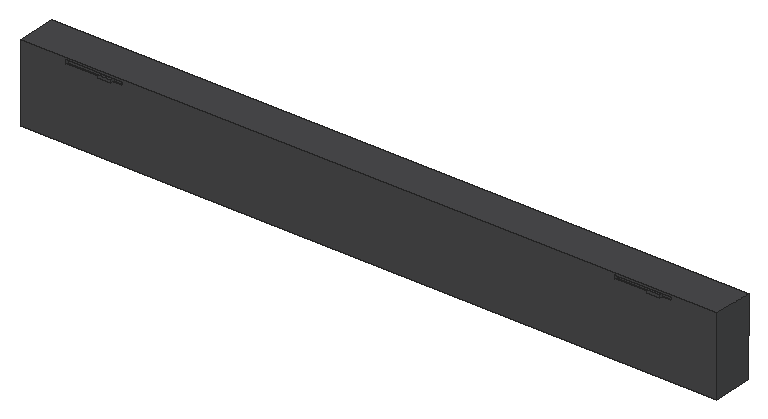
Revit family "DOT BLOCK CEILLING 646_DTSM30N6.1.36", category Luminarias, Revit 2019
Family settings
  Cota de conector redondo = Diámetro de uso
  Tipo de pieza = Normal
  Se basa en plano de trabajo = Sí
  Siempre vertical = Sí
  Corte con vacíos al cargar = No
  Origen de luz = Sí
  Compartido = No
  Punto de cálculo de habitación = No
Parameters (values of type "DOT BLOCK CEILLING 646_DTSM30N6.1.36")
  Ángulo de inclinación = 60.00°
  Zone [instance] = ""
  Watt per fixture = 30
  Wattage = 30 W
  built-in parameter 1150107 = 4000 (stored number, unit not read)
  built-in parameter 1150110 = 1 (stored number, unit not read)
  built-in parameter 1150109 = 1 (stored number, unit not read)
  built-in parameter 1150112 = 1 (stored number, unit not read)
  built-in parameter 1150113 = 1 (stored number, unit not read)
  built-in parameter 1114218 = 1 (stored number, unit not read)
  Keynote = ""
  built-in parameter 1150137 = (empty or 0)
  built-in parameter 1150132 = (empty or 0)
  Modelo = "DTSM30N6.1.36"
  Lámpara = "3030SMD PHILIPS"
  built-in parameter 1150105 = 214.86 (stored number, unit not read)
  built-in parameter 1150102 = (empty or 0)
  built-in parameter 1150106 = 2.1486 (stored number, unit not read)
  Lumens = 2700 lm
  Color Filter = 16777215
  built-in parameter 1114217 = 1 (stored number, unit not read)
  built-in parameter 1150139 = (empty or 0)
  Fabricante = "BRILLANT"
  Default Elevation = 1219.2 mm
  built-in parameter 1150104 = 8.3613 (stored number, unit not read)
  Descripción = "LUMINARIA DOWNLIGHT EN FORMATO RECTANGULAR PARA SOBREPONER DIRECTO EN TECHO, CUERPO DE ALUMINIO ACABADO EN COLOR NEGRO, IP 20, PESO 1.40Kg, TIPO DE LED 3030SMD PHILIPS CON 30W TOTAL, 1450 LUMENES, 90LM/W, IRC 90, TEMPERATURA EN BLANCO FRIO 4000K, 50 MIL HORAS DE VIDA PROMEDIO, APERTURA DE 36 GRADOS POR PROYECTO, ALIMENTADO A 90-240V"
  built-in parameter 1150115 = 1 (stored number, unit not read)
  built-in parameter 1150114 = 1 (stored number, unit not read)
  Comentarios de vataje = "90-240V"
  built-in parameter 1150138 = (empty or 0)
  built-in parameter 1150134 = 12
  Circuit [instance] = ""
  Dimming Lamp Color Temperature Shift = (empty or 0)
  Archivo de red fotométrica = "L646A-30W-840-B-36_IESNA95.IES"
  built-in parameter 1150133 = 10 (stored number, unit not read)
Reference planes
  plane 1 "Centro (Frontal/Posterior)": y = 0
  plane 2: z = 0
  plane 3 "Centro (Izquierda/Derecha)": x = 0
Forms (mm)
  Extrusion 1, solid, material "Default Form", not visible
    sketch origin (0, 0, 0) x (1, 0, 0) y (0, 0, 1)
      loop
        line (-473, 0) -> (-473, -72) -> (473, -72) -> (473, 0) -> (-473, 0)
    from -18.326 to 18.326
  Blend 2, void, not visible
    base sketch origin (-293.63, 0, 0) x (1, 0, 0) y (0, 1, 0)
      loop
        line (-162, 16.149) -> (-162, -16.149) -> (-144.14, -16.149) -> (-144.14, 16.149) -> (-162, 16.149)
    top sketch origin (-293.63, 0, 0) x (1, 0, 0) y (0, 1, 0)
      loop
        line (-160, 12.149) -> (-160, -12.149) -> (-146.14, -12.149) -> (-146.14, 12.149) -> (-160, 12.149)
    from -72 to -61.591
  Blend 3, void, not visible
    base sketch origin (-267.33, 0, 0) x (1, 0, 0) y (0, 1, 0)
      loop
        line (-162, 16.149) -> (-162, -16.149) -> (-144.14, -16.149) -> (-144.14, 16.149) -> (-162, 16.149)
    top sketch origin (-267.33, 0, 0) x (1, 0, 0) y (0, 1, 0)
      loop
        line (-160, 12.149) -> (-160, -12.149) -> (-146.14, -12.149) -> (-146.14, 12.149) -> (-160, 12.149)
    from -72 to -61.591
  Blend 4, void, not visible
    base sketch origin (-241.03, 0, 0) x (1, 0, 0) y (0, 1, 0)
      loop
        line (-162, 16.149) -> (-162, -16.149) -> (-144.14, -16.149) -> (-144.14, 16.149) -> (-162, 16.149)
    top sketch origin (-241.03, 0, 0) x (1, 0, 0) y (0, 1, 0)
      loop
        line (-160, 12.149) -> (-160, -12.149) -> (-146.14, -12.149) -> (-146.14, 12.149) -> (-160, 12.149)
    from -72 to -61.591
  Blend 5, void, not visible
    base sketch origin (-214.73, 0, 0) x (1, 0, 0) y (0, 1, 0)
      loop
        line (-162, 16.149) -> (-162, -16.149) -> (-144.14, -16.149) -> (-144.14, 16.149) -> (-162, 16.149)
    top sketch origin (-214.73, 0, 0) x (1, 0, 0) y (0, 1, 0)
      loop
        line (-160, 12.149) -> (-160, -12.149) -> (-146.14, -12.149) -> (-146.14, 12.149) -> (-160, 12.149)
    from -72 to -61.591
  Blend 6, void, not visible
    base sketch origin (-188.43, 0, 0) x (1, 0, 0) y (0, 1, 0)
      loop
        line (-162, 16.149) -> (-162, -16.149) -> (-144.14, -16.149) -> (-144.14, 16.149) -> (-162, 16.149)
    top sketch origin (-188.43, 0, 0) x (1, 0, 0) y (0, 1, 0)
      loop
        line (-160, 12.149) -> (-160, -12.149) -> (-146.14, -12.149) -> (-146.14, 12.149) -> (-160, 12.149)
    from -72 to -61.591
  Blend 7, void, not visible
    base sketch origin (-162.13, 0, 0) x (1, 0, 0) y (0, 1, 0)
      loop
        line (-162, 16.149) -> (-162, -16.149) -> (-144.14, -16.149) -> (-144.14, 16.149) -> (-162, 16.149)
    top sketch origin (-162.13, 0, 0) x (1, 0, 0) y (0, 1, 0)
      loop
        line (-160, 12.149) -> (-160, -12.149) -> (-146.14, -12.149) -> (-146.14, 12.149) -> (-160, 12.149)
    from -72 to -61.591
  Blend 8, void, not visible
    base sketch origin (-135.83, 0, 0) x (1, 0, 0) y (0, 1, 0)
      loop
        line (-162, 16.149) -> (-162, -16.149) -> (-144.14, -16.149) -> (-144.14, 16.149) -> (-162, 16.149)
    top sketch origin (-135.83, 0, 0) x (1, 0, 0) y (0, 1, 0)
      loop
        line (-160, 12.149) -> (-160, -12.149) -> (-146.14, -12.149) -> (-146.14, 12.149) -> (-160, 12.149)
    from -72 to -61.591
  Blend 9, void, not visible
    base sketch origin (-109.53, 0, 0) x (1, 0, 0) y (0, 1, 0)
      loop
        line (-162, 16.149) -> (-162, -16.149) -> (-144.14, -16.149) -> (-144.14, 16.149) -> (-162, 16.149)
    top sketch origin (-109.53, 0, 0) x (1, 0, 0) y (0, 1, 0)
      loop
        line (-160, 12.149) -> (-160, -12.149) -> (-146.14, -12.149) -> (-146.14, 12.149) -> (-160, 12.149)
    from -72 to -61.591
  Blend 10, void, not visible
    base sketch origin (-83.23, 0, 0) x (1, 0, 0) y (0, 1, 0)
      loop
        line (-162, 16.149) -> (-162, -16.149) -> (-144.14, -16.149) -> (-144.14, 16.149) -> (-162, 16.149)
    top sketch origin (-83.23, 0, 0) x (1, 0, 0) y (0, 1, 0)
      loop
        line (-160, 12.149) -> (-160, -12.149) -> (-146.14, -12.149) -> (-146.14, 12.149) -> (-160, 12.149)
    from -72 to -61.591
  Blend 11, void, not visible
    base sketch origin (-56.93, 0, 0) x (1, 0, 0) y (0, 1, 0)
      loop
        line (-162, 16.149) -> (-162, -16.149) -> (-144.14, -16.149) -> (-144.14, 16.149) -> (-162, 16.149)
    top sketch origin (-56.93, 0, 0) x (1, 0, 0) y (0, 1, 0)
      loop
        line (-160, 12.149) -> (-160, -12.149) -> (-146.14, -12.149) -> (-146.14, 12.149) -> (-160, 12.149)
    from -72 to -61.591
  Blend 12, void, not visible
    base sketch origin (-30.63, 0, 0) x (1, 0, 0) y (0, 1, 0)
      loop
        line (-162, 16.149) -> (-162, -16.149) -> (-144.14, -16.149) -> (-144.14, 16.149) -> (-162, 16.149)
    top sketch origin (-30.63, 0, 0) x (1, 0, 0) y (0, 1, 0)
      loop
        line (-160, 12.149) -> (-160, -12.149) -> (-146.14, -12.149) -> (-146.14, 12.149) -> (-160, 12.149)
    from -72 to -61.591
  Blend 13, void, not visible
    base sketch origin (-4.33, 0, 0) x (1, 0, 0) y (0, 1, 0)
      loop
        line (-162, 16.149) -> (-162, -16.149) -> (-144.14, -16.149) -> (-144.14, 16.149) -> (-162, 16.149)
    top sketch origin (-4.33, 0, 0) x (1, 0, 0) y (0, 1, 0)
      loop
        line (-160, 12.149) -> (-160, -12.149) -> (-146.14, -12.149) -> (-146.14, 12.149) -> (-160, 12.149)
    from -72 to -61.591
  Blend 14, void, not visible
    base sketch origin (21.97, 0, 0) x (1, 0, 0) y (0, 1, 0)
      loop
        line (-162, 16.149) -> (-162, -16.149) -> (-144.14, -16.149) -> (-144.14, 16.149) -> (-162, 16.149)
    top sketch origin (21.97, 0, 0) x (1, 0, 0) y (0, 1, 0)
      loop
        line (-160, 12.149) -> (-160, -12.149) -> (-146.14, -12.149) -> (-146.14, 12.149) -> (-160, 12.149)
    from -72 to -61.591
  Blend 15, void, not visible
    base sketch origin (48.27, 0, 0) x (1, 0, 0) y (0, 1, 0)
      loop
        line (-162, 16.149) -> (-162, -16.149) -> (-144.14, -16.149) -> (-144.14, 16.149) -> (-162, 16.149)
    top sketch origin (48.27, 0, 0) x (1, 0, 0) y (0, 1, 0)
      loop
        line (-160, 12.149) -> (-160, -12.149) -> (-146.14, -12.149) -> (-146.14, 12.149) -> (-160, 12.149)
    from -72 to -61.591
  Blend 16, void, not visible
    base sketch origin (74.57, 0, 0) x (1, 0, 0) y (0, 1, 0)
      loop
        line (-162, 16.149) -> (-162, -16.149) -> (-144.14, -16.149) -> (-144.14, 16.149) -> (-162, 16.149)
    top sketch origin (74.57, 0, 0) x (1, 0, 0) y (0, 1, 0)
      loop
        line (-160, 12.149) -> (-160, -12.149) -> (-146.14, -12.149) -> (-146.14, 12.149) -> (-160, 12.149)
    from -72 to -61.591
  Blend 17, void, not visible
    base sketch origin (100.87, 0, 0) x (1, 0, 0) y (0, 1, 0)
      loop
        line (-162, 16.149) -> (-162, -16.149) -> (-144.14, -16.149) -> (-144.14, 16.149) -> (-162, 16.149)
    top sketch origin (100.87, 0, 0) x (1, 0, 0) y (0, 1, 0)
      loop
        line (-160, 12.149) -> (-160, -12.149) -> (-146.14, -12.149) -> (-146.14, 12.149) -> (-160, 12.149)
    from -72 to -61.591
  Blend 18, void, not visible
    base sketch origin (127.17, 0, 0) x (1, 0, 0) y (0, 1, 0)
      loop
        line (-162, 16.149) -> (-162, -16.149) -> (-144.14, -16.149) -> (-144.14, 16.149) -> (-162, 16.149)
    top sketch origin (127.17, 0, 0) x (1, 0, 0) y (0, 1, 0)
      loop
        line (-160, 12.149) -> (-160, -12.149) -> (-146.14, -12.149) -> (-146.14, 12.149) -> (-160, 12.149)
    from -72 to -61.591
  Blend 19, void, not visible
    base sketch origin (153.47, 0, 0) x (1, 0, 0) y (0, 1, 0)
      loop
        line (-162, 16.149) -> (-162, -16.149) -> (-144.14, -16.149) -> (-144.14, 16.149) -> (-162, 16.149)
    top sketch origin (153.47, 0, 0) x (1, 0, 0) y (0, 1, 0)
      loop
        line (-160, 12.149) -> (-160, -12.149) -> (-146.14, -12.149) -> (-146.14, 12.149) -> (-160, 12.149)
    from -72 to -61.591
  Blend 20, void, not visible
    base sketch origin (179.77, 0, 0) x (1, 0, 0) y (0, 1, 0)
      loop
        line (-162, 16.149) -> (-162, -16.149) -> (-144.14, -16.149) -> (-144.14, 16.149) -> (-162, 16.149)
    top sketch origin (179.77, 0, 0) x (1, 0, 0) y (0, 1, 0)
      loop
        line (-160, 12.149) -> (-160, -12.149) -> (-146.14, -12.149) -> (-146.14, 12.149) -> (-160, 12.149)
    from -72 to -61.591
  Blend 21, void, not visible
    base sketch origin (206.07, 0, 0) x (1, 0, 0) y (0, 1, 0)
      loop
        line (-162, 16.149) -> (-162, -16.149) -> (-144.14, -16.149) -> (-144.14, 16.149) -> (-162, 16.149)
    top sketch origin (206.07, 0, 0) x (1, 0, 0) y (0, 1, 0)
      loop
        line (-160, 12.149) -> (-160, -12.149) -> (-146.14, -12.149) -> (-146.14, 12.149) -> (-160, 12.149)
    from -72 to -61.591
  Blend 22, void, not visible
    base sketch origin (232.37, 0, 0) x (1, 0, 0) y (0, 1, 0)
      loop
        line (-162, 16.149) -> (-162, -16.149) -> (-144.14, -16.149) -> (-144.14, 16.149) -> (-162, 16.149)
    top sketch origin (232.37, 0, 0) x (1, 0, 0) y (0, 1, 0)
      loop
        line (-160, 12.149) -> (-160, -12.149) -> (-146.14, -12.149) -> (-146.14, 12.149) -> (-160, 12.149)
    from -72 to -61.591
  Blend 23, void, not visible
    base sketch origin (258.67, 0, 0) x (1, 0, 0) y (0, 1, 0)
      loop
        line (-162, 16.149) -> (-162, -16.149) -> (-144.14, -16.149) -> (-144.14, 16.149) -> (-162, 16.149)
    top sketch origin (258.67, 0, 0) x (1, 0, 0) y (0, 1, 0)
      loop
        line (-160, 12.149) -> (-160, -12.149) -> (-146.14, -12.149) -> (-146.14, 12.149) -> (-160, 12.149)
    from -72 to -61.591
  Blend 24, void, not visible
    base sketch origin (284.97, 0, 0) x (1, 0, 0) y (0, 1, 0)
      loop
        line (-162, 16.149) -> (-162, -16.149) -> (-144.14, -16.149) -> (-144.14, 16.149) -> (-162, 16.149)
    top sketch origin (284.97, 0, 0) x (1, 0, 0) y (0, 1, 0)
      loop
        line (-160, 12.149) -> (-160, -12.149) -> (-146.14, -12.149) -> (-146.14, 12.149) -> (-160, 12.149)
    from -72 to -61.591
  Blend 25, void, not visible
    base sketch origin (311.27, 0, 0) x (1, 0, 0) y (0, 1, 0)
      loop
        line (-162, 16.149) -> (-162, -16.149) -> (-144.14, -16.149) -> (-144.14, 16.149) -> (-162, 16.149)
    top sketch origin (311.27, 0, 0) x (1, 0, 0) y (0, 1, 0)
      loop
        line (-160, 12.149) -> (-160, -12.149) -> (-146.14, -12.149) -> (-146.14, 12.149) -> (-160, 12.149)
    from -72 to -61.591
  Blend 26, void, not visible
    base sketch origin (337.57, 0, 0) x (1, 0, 0) y (0, 1, 0)
      loop
        line (-162, 16.149) -> (-162, -16.149) -> (-144.14, -16.149) -> (-144.14, 16.149) -> (-162, 16.149)
    top sketch origin (337.57, 0, 0) x (1, 0, 0) y (0, 1, 0)
      loop
        line (-160, 12.149) -> (-160, -12.149) -> (-146.14, -12.149) -> (-146.14, 12.149) -> (-160, 12.149)
    from -72 to -61.591
  Blend 27, void, not visible
    base sketch origin (363.87, 0, 0) x (1, 0, 0) y (0, 1, 0)
      loop
        line (-162, 16.149) -> (-162, -16.149) -> (-144.14, -16.149) -> (-144.14, 16.149) -> (-162, 16.149)
    top sketch origin (363.87, 0, 0) x (1, 0, 0) y (0, 1, 0)
      loop
        line (-160, 12.149) -> (-160, -12.149) -> (-146.14, -12.149) -> (-146.14, 12.149) -> (-160, 12.149)
    from -72 to -61.591
  Blend 28, void, not visible
    base sketch origin (390.17, 0, 0) x (1, 0, 0) y (0, 1, 0)
      loop
        line (-162, 16.149) -> (-162, -16.149) -> (-144.14, -16.149) -> (-144.14, 16.149) -> (-162, 16.149)
    top sketch origin (390.17, 0, 0) x (1, 0, 0) y (0, 1, 0)
      loop
        line (-160, 12.149) -> (-160, -12.149) -> (-146.14, -12.149) -> (-146.14, 12.149) -> (-160, 12.149)
    from -72 to -61.591
  Blend 29, void, not visible
    base sketch origin (416.47, 0, 0) x (1, 0, 0) y (0, 1, 0)
      loop
        line (-162, 16.149) -> (-162, -16.149) -> (-144.14, -16.149) -> (-144.14, 16.149) -> (-162, 16.149)
    top sketch origin (416.47, 0, 0) x (1, 0, 0) y (0, 1, 0)
      loop
        line (-160, 12.149) -> (-160, -12.149) -> (-146.14, -12.149) -> (-146.14, 12.149) -> (-160, 12.149)
    from -72 to -61.591
  Blend 30, void, not visible
    base sketch origin (442.77, 0, 0) x (1, 0, 0) y (0, 1, 0)
      loop
        line (-162, 16.149) -> (-162, -16.149) -> (-144.14, -16.149) -> (-144.14, 16.149) -> (-162, 16.149)
    top sketch origin (442.77, 0, 0) x (1, 0, 0) y (0, 1, 0)
      loop
        line (-160, 12.149) -> (-160, -12.149) -> (-146.14, -12.149) -> (-146.14, 12.149) -> (-160, 12.149)
    from -72 to -61.591
  Blend 31, void, not visible
    base sketch origin (469.07, 0, 0) x (1, 0, 0) y (0, 1, 0)
      loop
        line (-162, 16.149) -> (-162, -16.149) -> (-144.14, -16.149) -> (-144.14, 16.149) -> (-162, 16.149)
    top sketch origin (469.07, 0, 0) x (1, 0, 0) y (0, 1, 0)
      loop
        line (-160, 12.149) -> (-160, -12.149) -> (-146.14, -12.149) -> (-146.14, 12.149) -> (-160, 12.149)
    from -72 to -61.591
  Blend 32, void, not visible
    base sketch origin (495.37, 0, 0) x (1, 0, 0) y (0, 1, 0)
      loop
        line (-162, 16.149) -> (-162, -16.149) -> (-144.14, -16.149) -> (-144.14, 16.149) -> (-162, 16.149)
    top sketch origin (495.37, 0, 0) x (1, 0, 0) y (0, 1, 0)
      loop
        line (-160, 12.149) -> (-160, -12.149) -> (-146.14, -12.149) -> (-146.14, 12.149) -> (-160, 12.149)
    from -72 to -61.591
  Blend 33, void, not visible
    base sketch origin (521.67, 0, 0) x (1, 0, 0) y (0, 1, 0)
      loop
        line (-162, 16.149) -> (-162, -16.149) -> (-144.14, -16.149) -> (-144.14, 16.149) -> (-162, 16.149)
    top sketch origin (521.67, 0, 0) x (1, 0, 0) y (0, 1, 0)
      loop
        line (-160, 12.149) -> (-160, -12.149) -> (-146.14, -12.149) -> (-146.14, 12.149) -> (-160, 12.149)
    from -72 to -61.591
  Blend 34, void, not visible
    base sketch origin (547.97, 0, 0) x (1, 0, 0) y (0, 1, 0)
      loop
        line (-162, 16.149) -> (-162, -16.149) -> (-144.14, -16.149) -> (-144.14, 16.149) -> (-162, 16.149)
    top sketch origin (547.97, 0, 0) x (1, 0, 0) y (0, 1, 0)
      loop
        line (-160, 12.149) -> (-160, -12.149) -> (-146.14, -12.149) -> (-146.14, 12.149) -> (-160, 12.149)
    from -72 to -61.591
  Blend 35, void, not visible
    base sketch origin (574.27, 0, 0) x (1, 0, 0) y (0, 1, 0)
      loop
        line (-162, 16.149) -> (-162, -16.149) -> (-144.14, -16.149) -> (-144.14, 16.149) -> (-162, 16.149)
    top sketch origin (574.27, 0, 0) x (1, 0, 0) y (0, 1, 0)
      loop
        line (-160, 12.149) -> (-160, -12.149) -> (-146.14, -12.149) -> (-146.14, 12.149) -> (-160, 12.149)
    from -72 to -61.591
  Blend 36, void, not visible
    base sketch origin (600.57, 0, 0) x (1, 0, 0) y (0, 1, 0)
      loop
        line (-162, 16.149) -> (-162, -16.149) -> (-144.14, -16.149) -> (-144.14, 16.149) -> (-162, 16.149)
    top sketch origin (600.57, 0, 0) x (1, 0, 0) y (0, 1, 0)
      loop
        line (-160, 12.149) -> (-160, -12.149) -> (-146.14, -12.149) -> (-146.14, 12.149) -> (-160, 12.149)
    from -72 to -61.591
  Extrusion 37, solid, not visible
    sketch origin (-463.861, 0, 3.217) x (0, -1, 0) y (0, 0, -1)
      loop
        line (18.326, 3.217) -> (-18.326, 3.217) -> (-18.326, 73.917) -> (-32.183, 73.917) -> (-32.183, 72.617) -> (-19.626, 72.617) -> (-19.626, 1.917) -> (19.626, 1.917) -> (19.626, 72.617) -> (32.183, 72.617) -> (32.183, 73.917) -> (18.326, 73.917) -> (18.326, 3.217)
    from 89.098 to 128.24
  Extrusion 38, solid, not visible
    sketch origin (-246.523, 0, 3.217) x (0, -1, 0) y (0, 0, 1)
      loop
        line (-19.626, -1.917) -> (19.626, -1.917) -> (19.626, -63.89) -> (20.426, -63.89) -> (20.426, -1.117) -> (-20.426, -1.117) -> (-20.426, -63.89) -> (-19.626, -63.89) -> (-19.626, -1.917)
    from 122.954 to 124.098
  Extrusion 39, solid, not visible
    sketch origin (-463.861, 0, 3.217) x (0, -1, 0) y (0, 0, -1)
      loop
        line (-19.626, 1.917) -> (-19.626, 63.89) -> (-20.426, 63.89) -> (-20.426, 1.117) -> (20.426, 1.117) -> (20.426, 63.89) -> (19.626, 63.89) -> (19.626, 1.917) -> (-19.626, 1.917)
    from 122.954 to 124.098
  Extrusion 40, void, not visible
    sketch origin (0, 0, 0) x (1, 0, 0) y (0, 1, 0)
      loop
        circle (-363.799, -25.904) r 2.055
      loop
        circle (-346.585, -25.904) r 2.055
      loop
        circle (-363.799, 25.904) r 2.055
      loop
        circle (-346.585, 25.904) r 2.055
    from -70.7 to -69.4
  Blend 41, void
    base sketch origin (74.57, 130.851, 72) x (1, 0, 0) y (0, 1, 0)
      loop
        line (-162, -147) -> (-144.14, -147) -> (-144.14, -114.702) -> (-162, -114.702) -> (-162, -147)
    top sketch origin (74.57, 130.851, 72) x (1, 0, 0) y (0, 1, 0)
      loop
        line (-160, -143) -> (-146.14, -143) -> (-146.14, -118.702) -> (-160, -118.702) -> (-160, -143)
    from -72 to -61.591
  Blend 42, void
    base sketch origin (100.87, 130.851, 72) x (1, 0, 0) y (0, 1, 0)
      loop
        line (-162, -147) -> (-144.14, -147) -> (-144.14, -114.702) -> (-162, -114.702) -> (-162, -147)
    top sketch origin (100.87, 130.851, 72) x (1, 0, 0) y (0, 1, 0)
      loop
        line (-160, -143) -> (-146.14, -143) -> (-146.14, -118.702) -> (-160, -118.702) -> (-160, -143)
    from -72 to -61.591
  Blend 43, void
    base sketch origin (127.17, 130.851, 72) x (1, 0, 0) y (0, 1, 0)
      loop
        line (-162, -147) -> (-144.14, -147) -> (-144.14, -114.702) -> (-162, -114.702) -> (-162, -147)
    top sketch origin (127.17, 130.851, 72) x (1, 0, 0) y (0, 1, 0)
      loop
        line (-160, -143) -> (-146.14, -143) -> (-146.14, -118.702) -> (-160, -118.702) -> (-160, -143)
    from -72 to -61.591
  Blend 44, void
    base sketch origin (153.47, 130.851, 72) x (1, 0, 0) y (0, 1, 0)
      loop
        line (-162, -147) -> (-144.14, -147) -> (-144.14, -114.702) -> (-162, -114.702) -> (-162, -147)
    top sketch origin (153.47, 130.851, 72) x (1, 0, 0) y (0, 1, 0)
      loop
        line (-160, -143) -> (-146.14, -143) -> (-146.14, -118.702) -> (-160, -118.702) -> (-160, -143)
    from -72 to -61.591
  Blend 45, void
    base sketch origin (179.77, 130.851, 72) x (1, 0, 0) y (0, 1, 0)
      loop
        line (-162, -147) -> (-144.14, -147) -> (-144.14, -114.702) -> (-162, -114.702) -> (-162, -147)
    top sketch origin (179.77, 130.851, 72) x (1, 0, 0) y (0, 1, 0)
      loop
        line (-160, -143) -> (-146.14, -143) -> (-146.14, -118.702) -> (-160, -118.702) -> (-160, -143)
    from -72 to -61.591
  Blend 46, void
    base sketch origin (206.07, 130.851, 72) x (1, 0, 0) y (0, 1, 0)
      loop
        line (-162, -147) -> (-144.14, -147) -> (-144.14, -114.702) -> (-162, -114.702) -> (-162, -147)
    top sketch origin (206.07, 130.851, 72) x (1, 0, 0) y (0, 1, 0)
      loop
        line (-160, -143) -> (-146.14, -143) -> (-146.14, -118.702) -> (-160, -118.702) -> (-160, -143)
    from -72 to -61.591
  Blend 47, void
    base sketch origin (232.37, 130.851, 72) x (1, 0, 0) y (0, 1, 0)
      loop
        line (-162, -147) -> (-144.14, -147) -> (-144.14, -114.702) -> (-162, -114.702) -> (-162, -147)
    top sketch origin (232.37, 130.851, 72) x (1, 0, 0) y (0, 1, 0)
      loop
        line (-160, -143) -> (-146.14, -143) -> (-146.14, -118.702) -> (-160, -118.702) -> (-160, -143)
    from -72 to -61.591
  Extrusion 48, solid, material "Default Form"
    sketch origin (0, 0, 72) x (1, 0, 0) y (0, 0, -1)
      loop
        line (-323, 0) -> (323, 0) -> (323, 72) -> (-323, 72) -> (-323, 0)
    from -18.326 to 18.326
  Blend 49, void
    base sketch origin (258.67, 130.851, 72) x (1, 0, 0) y (0, 1, 0)
      loop
        line (-162, -147) -> (-144.14, -147) -> (-144.14, -114.702) -> (-162, -114.702) -> (-162, -147)
    top sketch origin (258.67, 130.851, 72) x (1, 0, 0) y (0, 1, 0)
      loop
        line (-160, -143) -> (-146.14, -143) -> (-146.14, -118.702) -> (-160, -118.702) -> (-160, -143)
    from -72 to -61.591
  Blend 50, void
    base sketch origin (284.97, 130.851, 72) x (1, 0, 0) y (0, 1, 0)
      loop
        line (-162, -147) -> (-144.14, -147) -> (-144.14, -114.702) -> (-162, -114.702) -> (-162, -147)
    top sketch origin (284.97, 130.851, 72) x (1, 0, 0) y (0, 1, 0)
      loop
        line (-160, -143) -> (-146.14, -143) -> (-146.14, -118.702) -> (-160, -118.702) -> (-160, -143)
    from -72 to -61.591
  Blend 51, void
    base sketch origin (21.97, 130.851, 72) x (1, 0, 0) y (0, 1, 0)
      loop
        line (-162, -147) -> (-144.14, -147) -> (-144.14, -114.702) -> (-162, -114.702) -> (-162, -147)
    top sketch origin (21.97, 130.851, 72) x (1, 0, 0) y (0, 1, 0)
      loop
        line (-160, -143) -> (-146.14, -143) -> (-146.14, -118.702) -> (-160, -118.702) -> (-160, -143)
    from -72 to -61.591
  Blend 52, void
    base sketch origin (48.27, 130.851, 72) x (1, 0, 0) y (0, 1, 0)
      loop
        line (-162, -147) -> (-144.14, -147) -> (-144.14, -114.702) -> (-162, -114.702) -> (-162, -147)
    top sketch origin (48.27, 130.851, 72) x (1, 0, 0) y (0, 1, 0)
      loop
        line (-160, -143) -> (-146.14, -143) -> (-146.14, -118.702) -> (-160, -118.702) -> (-160, -143)
    from -72 to -61.591
  Extrusion 53, void
    sketch origin (-158.75, 0, 0) x (1, 0, 0) y (0, 1, 0)
      loop
        line (-122.17, -18.326) -> (-69.57, -18.326) -> (-69.57, -16.149) -> (-122.17, -16.149) -> (-122.17, -18.326)
      loop
        line (-122.17, 18.326) -> (-122.17, 16.149) -> (-69.57, 16.149) -> (-69.57, 18.326) -> (-122.17, 18.326)
    from 66.852 to 70.535
  Extrusion 54, solid, material "Default Form"
    sketch origin (125, 0, 0) x (1, 0, 0) y (0, 1, 0)
      loop
        line (146.935, -16.149) -> (145.601, -16.149) -> (145.601, -18.326) -> (135.101, -18.326) -> (135.101, -20.238) -> (146.935, -20.238) -> (146.935, -16.149)
      loop
        line (146.935, 16.149) -> (146.935, 20.238) -> (135.101, 20.238) -> (135.101, 18.326) -> (145.601, 18.326) -> (145.601, 16.149) -> (146.935, 16.149)
      loop
        line (-362.305, -16.149) -> (-363.639, -16.149) -> (-363.639, -18.326) -> (-374.139, -18.326) -> (-374.139, -20.238) -> (-362.305, -20.238) -> (-362.305, -16.149)
      loop
        line (-362.305, 16.149) -> (-362.305, 20.238) -> (-374.139, 20.238) -> (-374.139, 18.326) -> (-363.639, 18.326) -> (-363.639, 16.149) -> (-362.305, 16.149)
    from 67.466 to 69.773
  Extrusion 55, void
    sketch origin (158.75, 0, 0) x (-1, 0, 0) y (0, -1, 0)
      loop
        line (-122.17, 18.326) -> (-122.17, 16.149) -> (-69.57, 16.149) -> (-69.57, 18.326) -> (-122.17, 18.326)
      loop
        line (-122.17, -18.326) -> (-69.57, -18.326) -> (-69.57, -16.149) -> (-122.17, -16.149) -> (-122.17, -18.326)
    from 66.852 to 70.535
  Blend 56, void
    base sketch origin (311.27, 130.851, 72) x (1, 0, 0) y (0, 1, 0)
      loop
        line (-162, -147) -> (-144.14, -147) -> (-144.14, -114.702) -> (-162, -114.702) -> (-162, -147)
    top sketch origin (311.27, 130.851, 72) x (1, 0, 0) y (0, 1, 0)
      loop
        line (-160, -143) -> (-146.14, -143) -> (-146.14, -118.702) -> (-160, -118.702) -> (-160, -143)
    from -72 to -61.591
  Blend 57, void
    base sketch origin (337.57, 130.851, 72) x (1, 0, 0) y (0, 1, 0)
      loop
        line (-162, -147) -> (-144.14, -147) -> (-144.14, -114.702) -> (-162, -114.702) -> (-162, -147)
    top sketch origin (337.57, 130.851, 72) x (1, 0, 0) y (0, 1, 0)
      loop
        line (-160, -143) -> (-146.14, -143) -> (-146.14, -118.702) -> (-160, -118.702) -> (-160, -143)
    from -72 to -61.591
  Blend 58, void
    base sketch origin (363.87, 130.851, 72) x (1, 0, 0) y (0, 1, 0)
      loop
        line (-162, -147) -> (-144.14, -147) -> (-144.14, -114.702) -> (-162, -114.702) -> (-162, -147)
    top sketch origin (363.87, 130.851, 72) x (1, 0, 0) y (0, 1, 0)
      loop
        line (-160, -143) -> (-146.14, -143) -> (-146.14, -118.702) -> (-160, -118.702) -> (-160, -143)
    from -72 to -61.591
  Blend 59, void
    base sketch origin (390.17, 130.851, 72) x (1, 0, 0) y (0, 1, 0)
      loop
        line (-162, -147) -> (-144.14, -147) -> (-144.14, -114.702) -> (-162, -114.702) -> (-162, -147)
    top sketch origin (390.17, 130.851, 72) x (1, 0, 0) y (0, 1, 0)
      loop
        line (-160, -143) -> (-146.14, -143) -> (-146.14, -118.702) -> (-160, -118.702) -> (-160, -143)
    from -72 to -61.591
  Blend 60, void
    base sketch origin (-30.63, 130.851, 72) x (1, 0, 0) y (0, 1, 0)
      loop
        line (-162, -147) -> (-144.14, -147) -> (-144.14, -114.702) -> (-162, -114.702) -> (-162, -147)
    top sketch origin (-30.63, 130.851, 72) x (1, 0, 0) y (0, 1, 0)
      loop
        line (-160, -143) -> (-146.14, -143) -> (-146.14, -118.702) -> (-160, -118.702) -> (-160, -143)
    from -72 to -61.591
  Blend 61, void
    base sketch origin (-4.33, 130.851, 72) x (1, 0, 0) y (0, 1, 0)
      loop
        line (-162, -147) -> (-144.14, -147) -> (-144.14, -114.702) -> (-162, -114.702) -> (-162, -147)
    top sketch origin (-4.33, 130.851, 72) x (1, 0, 0) y (0, 1, 0)
      loop
        line (-160, -143) -> (-146.14, -143) -> (-146.14, -118.702) -> (-160, -118.702) -> (-160, -143)
    from -72 to -61.591
  Blend 62, void
    base sketch origin (-83.23, 130.851, 72) x (1, 0, 0) y (0, 1, 0)
      loop
        line (-162, -147) -> (-144.14, -147) -> (-144.14, -114.702) -> (-162, -114.702) -> (-162, -147)
    top sketch origin (-83.23, 130.851, 72) x (1, 0, 0) y (0, 1, 0)
      loop
        line (-160, -143) -> (-146.14, -143) -> (-146.14, -118.702) -> (-160, -118.702) -> (-160, -143)
    from -72 to -61.591
  Blend 63, void
    base sketch origin (-56.93, 130.851, 72) x (1, 0, 0) y (0, 1, 0)
      loop
        line (-162, -147) -> (-144.14, -147) -> (-144.14, -114.702) -> (-162, -114.702) -> (-162, -147)
    top sketch origin (-56.93, 130.851, 72) x (1, 0, 0) y (0, 1, 0)
      loop
        line (-160, -143) -> (-146.14, -143) -> (-146.14, -118.702) -> (-160, -118.702) -> (-160, -143)
    from -72 to -61.591
Cuts and joins
  Blend 41, Blend 42, Blend 43, Blend 44, Blend 45, Blend 46, Blend 47, Blend 49, Blend 50, Blend 51, Blend 52, Extrusion 53, Extrusion 55, Blend 56, Blend 57, Blend 58, Blend 59, Blend 60, Blend 61, Blend 62, Blend 63 cuts Extrusion 48
  Extrusion 55 cuts Extrusion 54
Dimensions and locks
  cut or joined group 1 (Blend 41, Blend 42, Blend 43, Blend 44, Blend 45, Blend 46, Blend 47, Extrusion 48, Blend 49, Blend 50, Blend 51, Blend 52, Extrusion 53, Extrusion 55, Blend 56, Blend 57, Blend 58, Blend 59, Blend 60, Blend 61, Blend 62, Blend 63) to cut or joined group 1 = 72 mm  (x2)
  cut or joined group 1 to cut or joined group 1 = 36.651 mm
  cut or joined group 1 to cut or joined group 1 = 646 mm
  cut or joined group 1 to cut or joined group 1 = 42.08 mm  (x2)
  aligned and locked: level to plane 2
Connectors
  electrical at (0, 0, 72)
    settings: on cut or joined group 1, index 1, voltage 0 V, apparent load 0 VA, apparent load phase1 0 VA, apparent load phase2 0 VA, apparent load phase3 0 VA, power factor 1, load classification "Otro", number of poles 1, system type 31, power factor state 1, is connector primary yes, connector utility no, sub classification motor no, connector description ""
